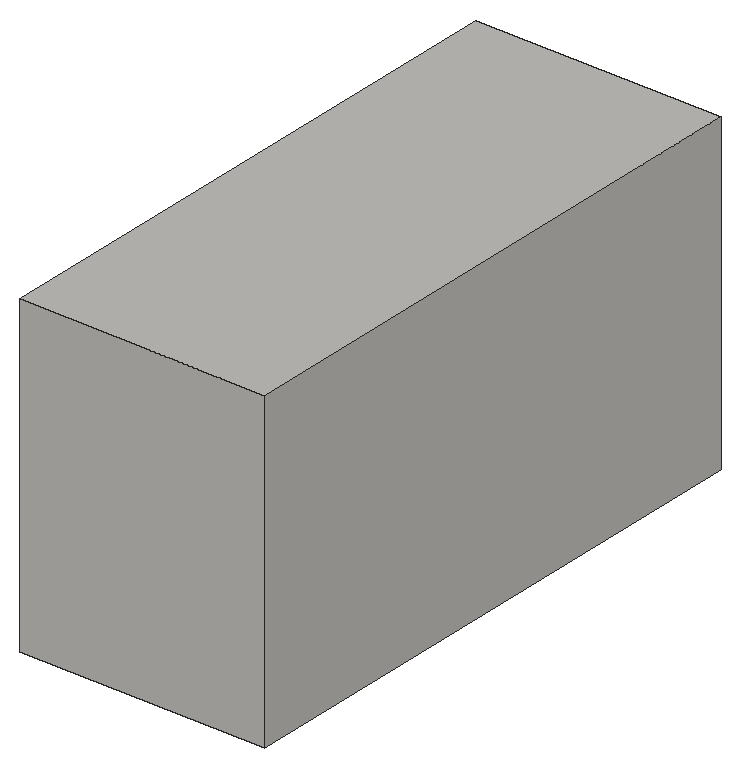
Revit family "Bench_Square-Rect_Noble", category Specialty Equipment, host Face, Revit 2015
Parameters (values of type "Rectangular Bench #411")
  Width = 15 1/2"
  URL = "www.noblecompany.com"
  Type Comments = ""
  Tile [instance] = Stainless Steel - Brushed
  Product Properties = "http://www.noblecompany.com/Portals/0/PRODUCT%20INFO/Product%20Descriptions/FreeStyle%20Linear%20Drain%20Product%20Decription%200410.pdf"
  Product Data = "http://www.noblecompany.com/Products/ShowerProducts/tabid/59/Default.aspx"
  Model = ""
  Manufacturer Phone - Toll Free = "800-878-5788"
  Manufacturer Phone = "231-799-8000"
  Manufacturer Fax = "231-799-8850"
  Manufacturer Email = "mailto:sales@noblecompany.com"
  Manufacturer Address = "7300 Enterprise Drive, Spring Lake, MI  49456 USA"
  Manufacturer = "Noble Company"
  Length = 36"
  Installation-Fabrication = "http://www.noblecompany.com/Portals/0/PRODUCT%20INFO/Product%20Descriptions/FreeStyle%20Linear%20Drain%20Product%20Decription%200410.pdf"
  Height = 20"
  Description = "Freestyle 24 ABS - Wave Linear Drain"
  Building Codes = "http://www.noblecompany.com/Portals/0/TECHNICAL%20INFO/Listing_Testing_Certification_Reports/PMG-1065%20Noble%20Company%20Linear%20Drain%20final%202.pdf"
  Base = Polymer coated Expanded Polystyrene
  Assembly Code = "D2030300"
  Default Elevation = 0"
Types (3): name | Width | Length
  Square Bench #404 | 11 1/2" | 11 1/2"
  Rectangular Bench #411 | 15 1/2" | 36"
  Rectangular Bench #412 | 11 1/2" | 36"
Reference planes (in)
  plane 1 "Center (Front/Back)": y = 0
  plane 2: z = 0
  plane 3 "Center (Left/Right)": x = 0
  plane 4: x = 15.5
  plane 5: y = 36
  plane 6: z = 20
Forms (in)
  Extrusion 1, solid, material "Polymer coated Expanded Polystyrene" <- "Base"
    sketch origin (0, 0, 0) x (1, 0, 0) y (0, 1, 0)
      loop
        line (0, 36) -> (0, 0) -> (15.5, 0) -> (15.5, 36) -> (0, 36)
    from 0 to 20
Dimensions and locks (in)
  "Height": plane 6 to level
  "Length": plane 1 "Center (Front/Back)" to plane 5
  "Width": plane 3 "Center (Left/Right)" to plane 4
  aligned and locked: plane 2 to host face
  aligned and locked: level to host face
  aligned and locked: plane 6 to Extrusion 1
Automatic sketch dimensions
  host sketch curve to host sketch curve = 97.52679"
  host sketch curve to host sketch curve = 96"
  plane 1 "Center (Front/Back)" to Extrusion 1 sketch curve = 0"
  Extrusion 1 sketch curve to plane 3 "Center (Left/Right)" = 0"
  Extrusion 1 sketch curve to plane 4 = 0"
  Extrusion 1 sketch curve to plane 5 = 0"
